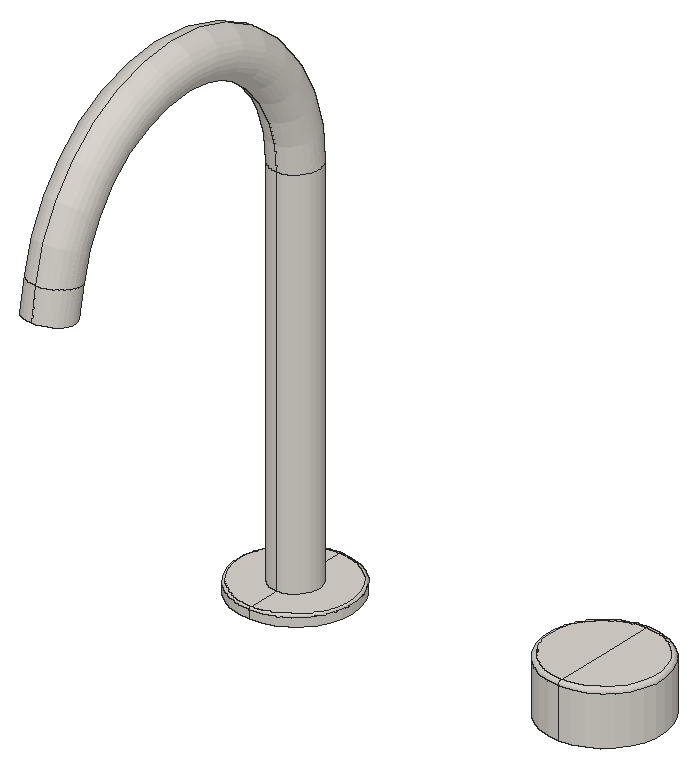
Revit family "MixerSet_Hob_Abey_PocoP_Basin_Short_FaceBased", category Plumbing Fixtures, host Face, Revit 2019
Family settings
  Host = Face
  Round Connector Dimension = Use Diameter
  Part Type = Normal
  OmniClass Number = 23.31.11.19
  OmniClass Title = Faucet Mixing Valves
  Cut with Voids When Loaded = No
  Shared = No
  Room Calculation Point = No
Parameters (values of type "Brushed Nickel (63609-2001 + 63609-1001)")
  Waste Connection = no
  Vent Connection = no
  Uniclass2015Version = "Products v1.28"
  Uniclass2015Title = "Mixer taps"
  Uniclass2015Code = "Pr_40_20_87_55"
  URL = "https://www.abey.com.au/"
  Type Comments = "Brushed Nickel"
  ModifiedIssue = 20230628
  Model = "63609-2001 + 63609-1001"
  KnurledMaterial = Metal_Abey_BrushedNickel_Knurled
  BodyMaterial = Metal_Abey_BrushedNickel
  ManufacturerURLProductSpecific = ""
  ManufacturerSpecCode = Model  # "63609-2001 + 63609-1001"
  ManufacturerOverallWidth = 200 mm  # constant formula
  ManufacturerOverallHeight = 265 mm  # constant formula
  ManufacturerOverallDepth = 183 mm  # constant formula
  Manufacturer = "Abey"  # constant formula
  Keynote = ""
  IfcExportType = "FAUCET"
  IfcExportAs = "ifcValve"
  HW Connection = yes
  Description = " "
  Default Elevation = 0 mm
  CreatedByURL = "https://igsgroup.com.au"
  CreatedBy = "IGS BIM Solutions"  # constant formula
  Cost = 0
  CW Connection = yes
  Assembly Code = "C1030210"
Types (3, lengths in mm): name | Type Comments | KnurledMaterial | BodyMaterial
  Brushed Brass (63609-2001 + 63609-1001) | "Brushed Brass" | Metal_Abey_Brass_Knurled | Metal_Abey_Brass
  Brushed Nickel (63609-2001 + 63609-1001) | "Brushed Nickel" | Metal_Abey_BrushedNickel_Knurled | Metal_Abey_BrushedNickel
  Gun Metal (63609-2001 + 63609-1001) | "Gun Metal" | Metal_Abey_GunMetal_Knurled | Metal_Abey_GunMetal
Reference planes
  plane 1 "SpoutCenter (Front/Back)": y = -22.75
  plane 2 "Bottom": z = 0
  plane 3 "Center (Left/Right)": x = 18.07
  plane 4 "Front": y = -178.75
  plane 5 "Back": y = 4.25
  plane 6 "Left": x = -81.93
  plane 7 "Right": x = 118.07
  plane 8 "Top": z = 265
Forms (mm)
  Extrusion 1, void
    sketch origin (0, 0, 0) x (1, 0, 0) y (0, 1, 0)
      loop
        circle (-54.969, -22.75) r 15
    from 0 to -30
Text (mm)
  text "Disclaimer:\nDue to ongoing product development and manufacturing evolution, product details are subject to change without notice. Please refer to product technical data sheets on the manufacturers website for the most current product information. Please allow a +/- 5mm manufacturing tolerance for dimensions and set-outs shown in product literature." at (161.558, 4.226, 0), in view "Ref. Level"
Dimensions and locks
  "ManufacturerOverallHeight": plane 8 "Top" to plane 2 "Bottom"
  "ManufacturerOverallWidth": plane 6 "Left" to plane 7 "Right"
  "ManufacturerOverallDepth": plane 4 "Front" to plane 5 "Back"
  equal spacing: plane 6 "Left", plane 3 "Center (Left/Right)", plane 7 "Right"
  plane 1 "SpoutCenter (Front/Back)" to plane 5 "Back" = 27 mm
  aligned and locked: plane 2 "Bottom" to host face
  aligned and locked: level to host face
  aligned and locked: plane 1 "SpoutCenter (Front/Back)" to nested 1
  aligned and locked: plane 3 "Center (Left/Right)" to nested 1
  aligned and locked: nested 1 to plane 2 "Bottom"
Automatic sketch dimensions
  host sketch curve to host sketch curve = 200 mm
  host sketch curve to host sketch curve = 183 mm
  plane 1 "SpoutCenter (Front/Back)" to Extrusion 1 sketch curve = 0 mm
  Extrusion 1 sketch curve to plane 6 "Left" = 26.961 mm
  radius of Extrusion 1 sketch curve = 15 mm
Nested families
  nested 1: "z_MixerSet_Hob_Abey_PocoP_Basin_Short" at (8.07, -173.25, -900), type "Type 1"
Connectors
  piping at (-47.58, -22.75, -1), diameter 12.7, driven by "CW Connection"
    settings: on nested 1, index 1, connector inside diameter 24", connector length 0 mm, flow factor 0, pipe flow 0.00 L/s, pressure drop 0 kPa, fitting loss kfactor 0, connector angle 0.00°, fixture units 0, engagement length 0 mm, angle of deflection 0.00°, flow configuration 2, flow direction 1, fitting loss method 0, system type 20, joint type 0, gender type 0, connector reference index -1, connector utility 1, adjustable connector no, is connector primary yes, connector description "Cold Water Supply"
  piping at (-62.28, -22.75, -1), diameter 12.7, driven by "HW Connection"
    settings: on nested 1, index 2, connector inside diameter 24", connector length 0 mm, flow factor 0, pipe flow 0.00 L/s, pressure drop 0 kPa, fitting loss kfactor 0, connector angle 0.00°, fixture units 0, engagement length 0 mm, angle of deflection 0.00°, flow configuration 2, flow direction 1, fitting loss method 0, system type 19, joint type 0, gender type 0, connector reference index -1, connector utility 1, adjustable connector no, is connector primary no, connector description "Hot Water Supply"
Definition of nested family "z_MixerSet_Hob_Abey_PocoP_Basin_Short"
  Parameters (values of type "Type 1")
    Waste Connection = no
    Vent Connection = no
    Uniclass2015Version = ""
    Uniclass2015Title = ""
    Uniclass2015Code = ""
    URL = "https://www.abey.com.au/"
    Type Comments = ""
    ModifiedIssue = 0
    Model = ""
    ManufacturerURLProductSpecific = ""
    ManufacturerSpecCode = ""
    ManufacturerOverallWidth = 200 mm
    ManufacturerOverallHeight = 265 mm
    ManufacturerOverallDepth = 183 mm
    Manufacturer = "Abey"  # constant formula
    KnurledMaterial = none
    IfcExportType = ""
    IfcExportAs = ""
    HW Connection = yes
    Description = ""
    Default Elevation = 0 mm
    CreatedByURL = "https://igsgroup.com.au"
    CreatedBy = "IGS BIM Solutions"  # constant formula
    CW Connection = yes
    BodyMaterial = none
    Assembly Code = ""
  Reference planes
    plane 1 "Ref. Level": z = 0
    plane 2 "Left": x = -90
    plane 3 "Right": x = 110
    plane 4 "Back": y = 177.5
    plane 5 "Bottom": z = 900
    plane 6 "Top": z = 1165
    plane 7 "Center (Front/Back)": y = 150.5
    plane 8 "SpoutCenter (Left/Right)": x = -63
    plane 9 "HobCenter (Left/Right)": x = 83
    plane 10 "Center (Left/Right)": x = 10
    plane 11 "Front": y = -5.5
  Forms (mm)
    Revolve 1, solid, material <- "BodyMaterial"
      sketch origin (-63, 1161.962, 4000) x (0, 1, 0) y (0, 0, 1)
        loop
          line (-984.462, -3100) -> (-984.462, -3096)
          arc (-984.462, -3096) -> (-984.755, -3095.293) -> (-985.462, -3095) r 1
          line (-985.462, -3095) -> (-1011.462, -3095) -> (-1011.462, -3100) -> (-984.462, -3100)
        axis (-1011.462, -3100) -> (-1011.462, -3095)
      angle from 0 to 360
    Revolve 2, solid, material <- "BodyMaterial"
      sketch origin (83, 1161.962, 4000) x (0, 1, 0) y (0, 0, 1)
        loop
          line (-1011.462, -3100) -> (-984.462, -3100) -> (-984.462, -3077)
          arc (-984.462, -3077) -> (-985.048, -3075.586) -> (-986.462, -3075) r 2
          line (-986.462, -3075) -> (-1011.462, -3075) -> (-1011.462, -3100)
        axis (-1011.462, -3100) -> (-1011.462, -3075)
      angle from 0 to 360
    Sweep 3, solid, material <- "BodyMaterial"
      path origin (-63, 1161.962, 4000) x (0, 1, 0) y (0, 0, 1)
        loop
          line (-1011.462, -3095) -> (-1011.462, -2917.777)
          arc (-1011.462, -2917.777) -> (-1076.959, -2846.299) -> (-1153.873, -2905.317) r 71.751
          line (-1153.873, -2905.317) -> (-1156.462, -2920)
      profile origin (-63, 150.5, 993.612) x (0, -1, 0) y (1, 0, 0)
        loop
          circle (0, 0) r 11
    Extrusion 4, solid, material <- "BodyMaterial"
      sketch origin (0, 0, 900) x (0, -1, 0) y (1, 0, 0)
        loop
          circle (-150.5, -70.35) r 6.35
        loop
          circle (-150.5, -55.65) r 6.35
      from 0 to -1
  Lines and regions (mm)
    Masking region 1
      outline origin (0, 0, 1165) x (0, -1, 0) y (1, 0, 0)
        loop
          arc (-125.842, -52) -> (-177.5, -63) -> (-125.842, -74) r 27
          line (-125.842, -74) -> (-5.508, -74)
          arc (-5.508, -74) -> (5.492, -63) -> (-5.508, -52) r 11
          line (-5.508, -52) -> (-125.842, -52)
        loop
          circle (-150.5, 83) r 27
    symbolic lines, detail levels medium+fine
      curve 1: arc (-74, 150.5, 1165) -> (-63, 161.5, 1165) -> (-52, 150.5, 1165) r 11
      curve 2: line (-74, 125.842, 1165) -> (-74, 150.5, 1165)
      curve 3: line (-52, 125.842, 1165) -> (-52, 150.5, 1165)
  Dimensions and locks
    "ManufacturerOverallWidth": plane 2 "Left" to plane 3 "Right"
    "ManufacturerOverallHeight": plane 6 "Top" to plane 5 "Bottom"
    plane 5 "Bottom" to plane 1 "Ref. Level" = 900 mm
    equal spacing: plane 2 "Left", plane 10 "Center (Left/Right)", plane 3 "Right"
    "ManufacturerOverallDepth": plane 11 "Front" to plane 4 "Back"
    locked: plane 7 "Center (Front/Back)" to plane 4 "Back" at 27
    aligned and locked: level to plane 1 "Ref. Level"
  Automatic sketch dimensions
    plane 5 "Bottom" to Revolve 2 sketch curve = 0 mm
    Revolve 2 sketch curve to plane 7 "Center (Front/Back)" = 0 mm  (x2)
    Revolve 2 sketch curve to plane 4 "Back" = 0 mm
    Revolve 2 sketch curve to plane 4 "Back" = 2 mm
    Revolve 2 sketch curve to Revolve 2 sketch curve = 23 mm
    Revolve 2 sketch curve to Revolve 2 sketch curve = 11.447 mm
    Revolve 2 sketch curve to Revolve 2 sketch curve = 5.547 mm
    plane 7 "Center (Front/Back)" to curve 3 = 0 mm
    curve 1 to plane 8 "SpoutCenter (Left/Right)" = 0 mm
    plane 7 "Center (Front/Back)" to curve 3 = 24.658 mm
    plane 7 "Center (Front/Back)" to curve 2 = 24.658 mm
    plane 8 "SpoutCenter (Left/Right)" to curve 3 = 11 mm
    plane 7 "Center (Front/Back)" to Extrusion 4 sketch curve = 0 mm  (x2)
    Extrusion 4 sketch curve to plane 8 "SpoutCenter (Left/Right)" = 7.35 mm
    plane 8 "SpoutCenter (Left/Right)" to Extrusion 4 sketch curve = 7.35 mm
    Sweep 3 sketch curve to plane 8 "SpoutCenter (Left/Right)" = 0 mm
    Sweep 3 sketch curve to profile plane = 0 mm
    Sweep 3 sketch curve to plane 7 "Center (Front/Back)" = 0 mm
    Sweep 3 sketch curve to plane 5 "Bottom" = 5 mm
    plane 6 "Top" to Sweep 3 sketch curve = 82.777 mm
    Sweep 3 sketch curve to Sweep 3 sketch curve = 14.683 mm
    plane 7 "Center (Front/Back)" to Masking region 1 sketch curve = 0 mm  (x2)
    Masking region 1 sketch curve to plane 9 "HobCenter (Left/Right)" = 0 mm
    Masking region 1 sketch curve to plane 8 "SpoutCenter (Left/Right)" = 11 mm
    plane 7 "Center (Front/Back)" to Masking region 1 sketch curve = 24.658 mm
    plane 8 "SpoutCenter (Left/Right)" to Masking region 1 sketch curve = 11 mm
    Masking region 1 sketch curve to Masking region 1 sketch curve = 0 mm
    Sweep 3 sketch curve to plane 11 "Front" = 11 mm
    Masking region 1 sketch curve to plane 11 "Front" = 11.008 mm
    Sweep 3 sketch curve to plane 11 "Front" = 13.589 mm
    Sweep 3 sketch curve to Sweep 3 sketch curve = 71.751 mm
    plane 5 "Bottom" to Revolve 1 sketch curve = 0 mm  (x2)
    Revolve 1 sketch curve to plane 7 "Center (Front/Back)" = 0 mm  (x2)
    Revolve 1 sketch curve to plane 4 "Back" = 0 mm
    plane 4 "Back" to Revolve 1 sketch curve = 1 mm
    Revolve 1 sketch curve to plane 5 "Bottom" = 4 mm
    Revolve 1 sketch curve to Revolve 1 sketch curve = 95 mm
    radius of Extrusion 4 sketch curve = 6.35 mm  (x2)
    radius of Sweep 3 sketch curve = 11 mm
    radius of Masking region 1 sketch curve = 27 mm
